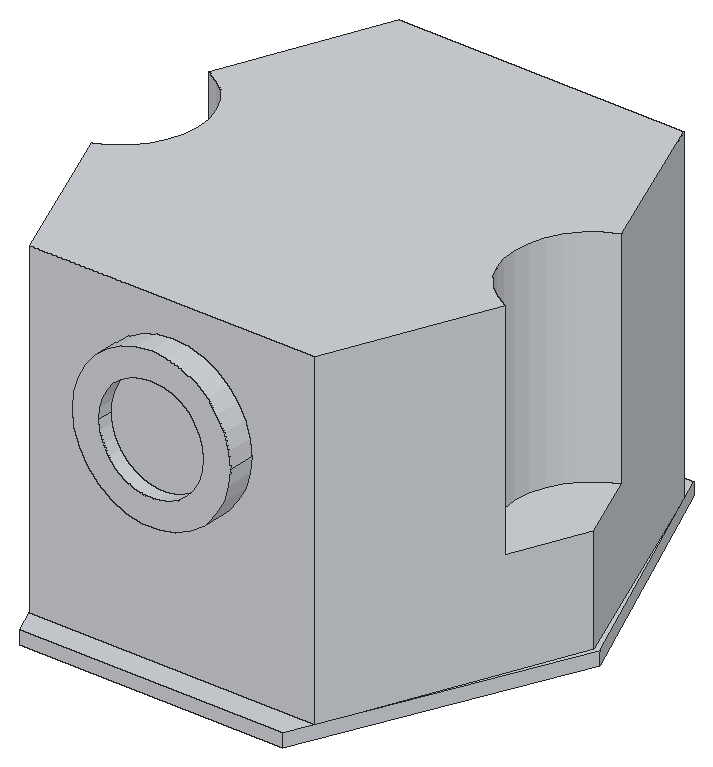
Revit family "a429ae7853974378b55184d399f8efbb", category Fire Alarm Devices, host Face, Revit 2021
Family settings
  Host = Face
  Maintain Annotation Orientation = Yes
  Round Connector Dimension = Use Diameter
  Part Type = Normal
  OmniClass Number = 23.85.30.21.11.17
  OmniClass Title = Other Components
  Seek Item ID = Fire Alarm Door Holder - Magnetic - Floor Mounted-0000-USA-ENU
  Cut with Voids When Loaded = No
  Shared = No
  Room Calculation Point = No
Parameters (values of type "Standard")
  Door Holder Material = none
  Default Elevation = 4' - 0"
Reference planes (in)
  plane 1 "Center (Front/Back)": y = 0
  plane 2: z = 0
  plane 3 "Center (Left/Right)": x = 0
  plane 4: x = 2.3125
  plane 5: x = -2.3125
  plane 6: z = 3.25
  plane 7: x = -2.25
  plane 8: x = 2.25
  plane 9: x = -1.25
  plane 10: x = 1.25
  plane 11: z = 0.125
  plane 12: z = 1.125
  plane 13: z = 2.1875
  plane 14: y = -4.875
  plane 15: y = -4.625
  plane 16: y = -0.25
  plane 17: y = -2.4375
Forms (in)
  Extrusion 1, solid, material <- "Door Holder Material"
    sketch origin (0, 0, 0) x (1, 0, 0) y (0, 0, 1)
      loop
        circle (0, 2.1875) r 0.75
    from 2.4375 to 4.875
  Extrusion 2, solid, material <- "Door Holder Material"
    sketch origin (0, 0, 0) x (1, 0, 0) y (0, 1, 0)
      loop
        line (-2.3125, -2.4375) -> (-1.25, -4.875) -> (1.25, -4.875) -> (2.3125, -2.4375) -> (1.25, 0) -> (-1.25, 0) -> (-2.3125, -2.4375)
    from 0.125 to 0
  Extrusion 3, solid, material <- "Door Holder Material"
    sketch origin (0, 0, 0) x (1, 0, 0) y (0, 1, 0)
      loop
        line (-1.35256, -0.25) -> (-2.25, -2.4375) -> (-1.35256, -4.625) -> (1.35256, -4.625) -> (2.25, -2.4375) -> (1.35256, -0.25) -> (-1.35256, -0.25)
    from 0.125 to 3.25
  Extrusion 4, void
    sketch origin (-0.01418, -3.37405, 0) x (1, 0, 0) y (0, 0, 1)
      loop
        circle (0.01418, 2.1875) r 0.5
    from 1.36376 to 1.50095
  Extrusion 5, void
    sketch origin (0, 0, 0) x (1, 0, 0) y (0, 1, 0)
      loop
        arc (2.25, -1.6875) -> (1.5, -2.4375) -> (2.25, -3.1875) r 0.75
        line (2.25, -3.1875) -> (2.25, -1.6875)
    from 1.125 to 3.25
  Extrusion 6, void
    sketch origin (0, 0, 0) x (-1, 0, 0) y (0, -1, 0)
      loop
        line (2.25, 1.6875) -> (2.25, 3.1875)
        arc (2.25, 3.1875) -> (1.5, 2.4375) -> (2.25, 1.6875) r 0.75
    from 1.125 to 3.25
Cuts and joins
  Extrusion 4, Extrusion 6 cuts Extrusion 1
  Extrusion 5, Extrusion 6 cuts Extrusion 3
  joined: Extrusion 1, Extrusion 3
Lines and regions (in)
  symbolic lines, detail levels fine
    curve 1: line (-1.25, -4.875, 0) -> (1.25, -4.875, 0)
    curve 2: line (1.25, -4.875, 0) -> (2.3125, -2.4375, 0)
    curve 3: line (2.3125, -2.4375, 0) -> (1.25, 0, 0)
    curve 4: line (1.25, 0, 0) -> (-1.25, 0, 0)
    curve 5: line (1.35256, -0.25, 0) -> (-1.35256, -0.25, 0)
    curve 6: line (-2.25, -2.4375, 0) -> (-1.35256, -4.625, 0)
    curve 7: line (-1.35256, -4.625, 0) -> (1.35256, -4.625, 0)
    curve 8: line (1.35256, -4.625, 0) -> (2.25, -2.4375, 0)
    curve 9: arc (-1.96533, -3.13138, 0) -> (-1.5, -2.4375, 0) -> (-1.96533, -1.74362, 0) r 0.75
    curve 10: arc (1.96533, -1.74362, 0) -> (1.5, -2.4375, 0) -> (1.96533, -3.13138, 0) r 0.75
    curve 11: line (-0.75, -4.625, 0) -> (-0.75, -4.875, 0)
    curve 12: line (0.75, -4.625, 0) -> (0.75, -4.875, 0)
    curve 13: line (-1.25, 0, 0) -> (-2.3125, -2.4375, 0)
    curve 14: line (2.25, -2.4375, 0) -> (1.35256, -0.25, 0)
    curve 15: line (-1.35256, -0.25, 0) -> (-2.25, -2.4375, 0)
    curve 16: line (-2.3125, -2.4375, 0) -> (-1.25, -4.875, 0)
Dimensions and locks (in)
  equal spacing: plane 4, plane 3 "Center (Left/Right)", plane 5
  locked: plane 4 to plane 5 at 4.625
  locked: plane 6 to plane 2 at 3.25
  equal spacing: plane 7, plane 3 "Center (Left/Right)", plane 8
  locked: plane 7 to plane 8 at 4.5
  locked: plane 11 to plane 2 at 0.125
  locked: plane 12 to plane 11 at 1
  equal spacing: plane 6, plane 13, plane 12
  locked: plane 14 to plane 1 "Center (Front/Back)" at 4.875
  equal spacing: plane 14, plane 17, plane 1 "Center (Front/Back)"
  locked: plane 16 to plane 1 "Center (Front/Back)" at 0.25
  locked: plane 14 to plane 15 at 0.25
  locked: cut or joined group of Extrusion 1, Extrusion 3, Extrusion 4, Extrusion 5, Extrusion 6 to plane 14 at 0.1372
  locked: curve 11 to plane 3 "Center (Left/Right)" at 0.75
  locked: plane 3 "Center (Left/Right)" to curve 12 at 0.75
  radius of Extrusion 1 sketch curve = 0' - 0 3/4"
  radius of Extrusion 4 sketch curve = 0' - 0 1/2"
  radius of Extrusion 5 sketch curve = 0' - 0 3/4"
  radius of Extrusion 6 sketch curve = 0' - 0 3/4"
  aligned and locked: plane 2 to host face
  aligned and locked: level to host face
  aligned and locked: plane 3 "Center (Left/Right)" to Extrusion 1 sketch curve
  aligned and locked: plane 5 to Extrusion 2 sketch curve
  aligned and locked: plane 4 to Extrusion 2 sketch curve
  aligned and locked: plane 8 to Extrusion 3 sketch curve
  aligned and locked: plane 6 to Extrusion 3
  aligned and locked: plane 10 to Extrusion 2 sketch curve  (x2)
  aligned and locked: plane 11 to Extrusion 2
  aligned and locked: Extrusion 2 to plane 2
  aligned and locked: Extrusion 3 to plane 11
  aligned and locked: Extrusion 3 to plane 6
  aligned and locked: plane 13 to Extrusion 1 sketch curve
  aligned and locked: plane 13 to Extrusion 4 sketch curve
  aligned: plane 3 "Center (Left/Right)" to Extrusion 4 sketch curve
  aligned and locked: plane 8 to Extrusion 5 sketch curve  (x2)
  aligned and locked: Extrusion 5 to plane 12
  aligned and locked: plane 6 to Extrusion 5
  aligned and locked: plane 7 to Extrusion 6 sketch curve
  aligned and locked: Extrusion 6 to plane 12
  aligned and locked: plane 6 to Extrusion 6
  aligned and locked: plane 9 to Extrusion 2 sketch curve  (x2)
  aligned and locked: plane 14 to Extrusion 2 sketch curve  (x2)
  aligned and locked: plane 17 to Extrusion 2 sketch curve  (x2)
  aligned and locked: plane 1 "Center (Front/Back)" to Extrusion 2 sketch curve  (x2)
  aligned and locked: plane 16 to Extrusion 3 sketch curve
  aligned and locked: plane 15 to Extrusion 3 sketch curve
  aligned and locked: plane 17 to Extrusion 3 sketch curve  (x2)
  aligned and locked: plane 7 to Extrusion 3 sketch curve
  aligned: cut or joined group of Extrusion 1, Extrusion 3, Extrusion 4, Extrusion 5, Extrusion 6 to plane 1 "Center (Front/Back)"
  aligned and locked: plane 14 to cut or joined group of Extrusion 1, Extrusion 3, Extrusion 4, Extrusion 5, Extrusion 6
  aligned and locked: plane 17 to Extrusion 6 sketch curve
  aligned and locked: plane 17 to Extrusion 5 sketch curve
  aligned and locked: plane 3 "Center (Left/Right)" to Extrusion 4 sketch curve
  aligned and locked: Extrusion 1 to Extrusion 4
  aligned and locked: plane 1 "Center (Front/Back)" to nested 1
  aligned and locked: plane 3 "Center (Left/Right)" to nested 1
  aligned and locked: curve 1 to Extrusion 2
  aligned and locked: curve 2 to Extrusion 2
  aligned and locked: curve 3 to Extrusion 2
  aligned and locked: curve 4 to Extrusion 2
  aligned and locked: curve 5 to cut or joined group of Extrusion 1, Extrusion 3, Extrusion 4, Extrusion 5, Extrusion 6
  aligned and locked: curve 6 to cut or joined group of Extrusion 1, Extrusion 3, Extrusion 4, Extrusion 5, Extrusion 6
  aligned and locked: curve 7 to cut or joined group of Extrusion 1, Extrusion 3, Extrusion 4, Extrusion 5, Extrusion 6
  aligned and locked: curve 8 to cut or joined group of Extrusion 1, Extrusion 3, Extrusion 4, Extrusion 5, Extrusion 6
  aligned and locked: curve 9 to cut or joined group of Extrusion 1, Extrusion 3, Extrusion 4, Extrusion 5, Extrusion 6
  aligned and locked: curve 10 to cut or joined group of Extrusion 1, Extrusion 3, Extrusion 4, Extrusion 5, Extrusion 6
  aligned and locked: plane 15 to curve 11
  aligned and locked: plane 14 to curve 11
  aligned and locked: curve 13 to Extrusion 2
  aligned and locked: curve 14 to cut or joined group of Extrusion 1, Extrusion 3, Extrusion 4, Extrusion 5, Extrusion 6
  aligned and locked: curve 15 to cut or joined group of Extrusion 1, Extrusion 3, Extrusion 4, Extrusion 5, Extrusion 6
  aligned and locked: curve 16 to Extrusion 2
  aligned and locked: cut or joined group of Extrusion 1, Extrusion 3, Extrusion 4, Extrusion 5, Extrusion 6 to plane 17
Automatic sketch dimensions
  host sketch curve to host sketch curve = 8' - 0"  (x2)
  Extrusion 3 sketch curve to plane 9 = 0' - 0.10256"  (x2)
  Extrusion 3 sketch curve to plane 10 = 0' - 0.10256"  (x2)
  Extrusion 6 sketch curve to plane 7 = 0' - 0"
Nested families (in)
  nested 1: "Fire Alarm Door Holder - Magnetic - Floor Mounted Annotation" at (0, 0, 0), type "Fire Alarm Door Holder - Magnetic - Floor Mounted Annotation", detail levels coarse+medium
Connectors (in)
  electrical at (0, -2.4375, 0)
    settings: on Extrusion 2, index 1, voltage 0 V, apparent load 0 VA, apparent load phase1 0 VA, apparent load phase2 0 VA, apparent load phase3 0 VA, power factor 1, load classification "Other", number of poles 1, system type 11, power factor state 1, is connector primary yes, connector utility no, sub classification motor no, connector description ""
Definition of nested family "Fire Alarm Door Holder - Magnetic - Floor Mounted Annotation"
  Parameters
    Label Annotation = "M"
  Reference planes (in)
    plane 1: y = 0
    plane 2: x = 0
  Lines and regions (in)
    reference lines
      curve 1: line (-0.09375, 0.15004, 0) -> (-0.09375, -0.32771, 0)
      curve 2: line (0.09375, 0.21161, 0) -> (0.09375, -0.35726, 0)
    detail lines
      curve 3: line (-0.09375, 0, 0) -> (0.09375, 0, 0)
      curve 4: line (-0.09375, -0.1875, 0) -> (-0.09375, 0, 0)
      curve 5: line (0.09375, -0.1875, 0) -> (-0.09375, -0.1875, 0)
      curve 6: line (0.09375, 0, 0) -> (0.09375, -0.1875, 0)
  Text (in)
    label "M" at (-0.0536, -0.09386, 0), shows "Label Annotation"
  Dimensions and locks (in)
    locked: curve 1 to plane 2 at 0.09375
    locked: plane 2 to curve 2 at 0.09375
    locked: plane 1 to curve 5 at 0.1875
    aligned and locked: curve 4 to curve 1
    aligned and locked: curve 2 to curve 6
    aligned and locked: plane 1 to curve 3
